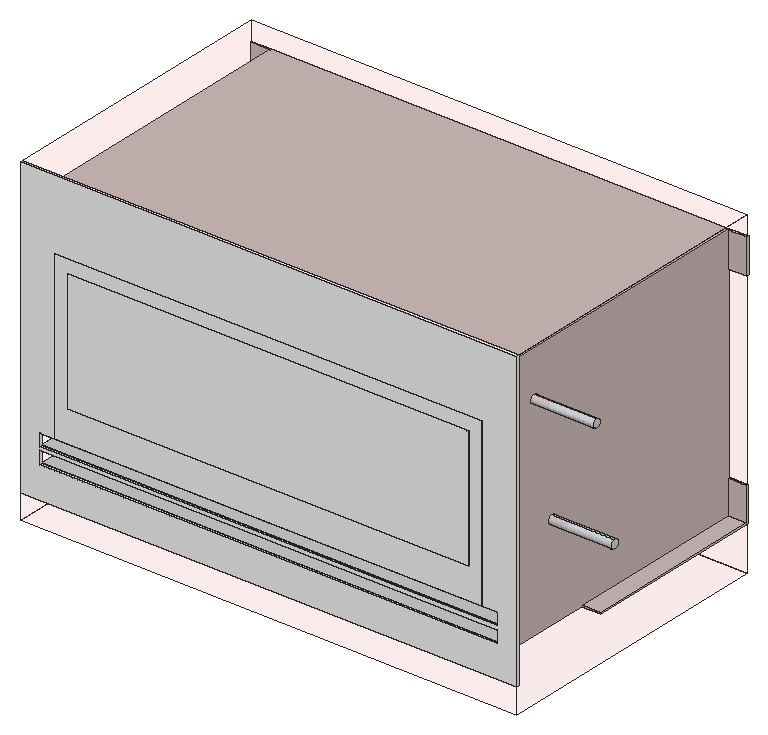
Revit family "Air-Curtain_Customer-Entry_PoweredAire_ECC-ST", category Mechanical Equipment, host Face, Revit 2025
Family settings
  Host = Face
  Round Connector Dimension = Use Diameter
  Part Type = Normal
  OmniClass Number = 23.75.35.17.21
  OmniClass Title = Air Curtains
  Cut with Voids When Loaded = No
  Maintain Annotation Orientation = No
  Shared = No
  Room Calculation Point = No
Parameters
  upperpiperotation [instance] = if(Upper Pipe Connection Side A, 0.00°, 180.00°)  # 0.00°
  lowerpiperotation [instance] = if(Lower Pipe Connection Side A, 0.00°, 180.00°)  # 0.00°
  locateupperpipe [instance] = if(Upper Pipe Connection Side A, 0' 0", Nozzle Width)  # 0' - 0"
  locatelowerpipe [instance] = if(Lower Pipe Connection Side A, 0' 0", Nozzle Width)  # 0' - 0"
  Warranty Duration (Years) = 0
  Upper Pipe Connection Side A [instance] = yes
  Unit Width Notes = "Other Widths available."  # constant formula
  Unit Width = 3' - 3"
  Unit Weight = 0
  Unit Height = 1' - 10 3/4"
  Unit Depth = 1' - 11 1/4"
  URL = "http://www.poweredaire.com/"
  Test Data = ""
  Standards Conformance = "as Specified"
  Specification = "http://www.arcat.com/sdspecs/htm04/23_34_33pai.htm"
  SpecWizard = ""
  Sound Pressure = "as Specified"
  Sales Information = "http://www.poweredaire.com/contact_us"
  Revision = "R1_2016-08"
  Projection from Host [instance] = 0' - 2"
  Product Properties = ""
  Product Data = "http://www.arcat.com/arcatcos/cos47/arc47623.html"
  Power Rating = 0 W
  Piping_Water Flow [instance] = 0 GPM
  Piping_Operating Pressure [instance] = 0.00 psi
  Piping_Exit Temperature [instance] = 0 °F
  Piping_Entry Temperature [instance] = 0 °F
  Pipe OD [instance] = 5/8"
  Nozzle Width = if(1 = 1, Unit Width - 0' 3", 0' 0")  # 3' - 0"
  Mounting Width = if(1 = 1, Unit Width - 0' 1 1/2", 0' 0")  # 3' - 1 1/2"
  Mounting Height [instance] = 3' - 6"
  Motor RPM = 0
  Motor HP = 0
  Motor Count = 0
  Model = "As Specified"
  Max Height = 0' - 0"
  Manufacturer Website = "http://www.poweredaire.com/"
  Manufacturer Phone - Toll Free = "888-321-2473"
  Manufacturer Phone = "724-588-3305"
  Manufacturer Fax = "724-588-3371"
  Manufacturer Address = "109 Mortensen Rd.  Greenville, PA 16125"
  Manufacturer = "Powered Aire, Inc"
  Maintenance Schedule (Months) = 0
  Lower Pipe Connection Side A [instance] = yes
  Keynote = "23 34 33"
  Installation-Fabrication = ""
  Installation Phase = ""
  Include Clearance [instance] = yes
  Heating Element Load = 0 W
  HVAC_Temperature Rise = 0 °F
  HVAC_Outlet Volume = 0 CFM
  HVAC_Outlet Velocity Uniformity = 0
  HVAC_Outlet Velocity = 0 FPM
  HVAC_BTU Input = 0.0 Btu/h
  Green Building-LEED = "http://www.arcat.com/green/clients/leed_data_47623.html"
  Front Grating Material [instance] = Metal - Steel - PoweredAire - White Perforated
  Frame Finish [instance] = Metal - Steel - PoweredAire - Stainless 304
  Expected Lifespan (Years) = 0
  Electrical_Wattage [instance] = Power Rating + Heating Element Load  # 0 W
  Electrical_Voltage [instance] = 0 V
  Electrical_Phase [instance] = 1
  Electrical_Frequency [instance] = 0 Hz
  Electrical_Amperage [instance] = 0 A
  Drawn By = "Sumex Design, Inc. / Robert S. Weygant, CSI, CDT, SCIP"
  Description = "Powered Aire Air Curtain as Specified"
  Default Elevation = 0' - 0"  # constant formula
  Cover Finish [instance] = Metal - Steel - PoweredAire - White
  Copyright = "©Arcat Inc."
  Construction Details = "http://www.arcat.com/details/powair/prod3336.html"
  Clearance_Top [instance] = 0' - 0"
  Clearance_Side B [instance] = 0' - 0"
  Clearance_Side A [instance] = 0' - 0"
  Clearance_Intake [instance] = 0' - 0"
  Clearance_Front [instance] = 0' - 0"
  Clearance Material [instance] = ARCAT Clearance
  Building Codes = ""
  Available Options [instance] = "as Specified"
  Assembly Code = "D3090400"
Reference planes (in)
  plane 1 "Center (Elevation)": y = 11.51318
  plane 2: z = 0
  plane 3 "Center (Left/Right)": x = 0
  plane 4: y = 22.88818
  plane 5: y = 0.13818
  plane 6: x = -19.5
  plane 7: x = 19.5
  plane 8: z = 25.25
  plane 9 "FF": y = -41.86182
  plane 10: z = 2
  plane 11: x = 18
  plane 12: x = -18
  plane 13: y = 22.88818
  plane 14: y = 0.13818
  plane 15: x = -19.5
  plane 16: x = 19.5
  plane 17: z = 25.25
  plane 18: y = 0.38818
  plane 19: x = 18
  plane 20: x = 18
  plane 21: z = 20.25
  plane 22: z = 11
Forms (in)
  Extrusion 1, solid, material "ARCAT Clearance" <- "Clearance Material", visible <- "Include Clearance"
    sketch origin (0, 0, 0) x (0, 1, 0) y (0, 0, 1)
      loop
        line (0.13818, 25.25) -> (0.13818, 0) -> (22.88818, 0) -> (22.88818, 25.25) -> (0.13818, 25.25)
    from -19.5 to 19.5
  Extrusion 2, solid, material "Metal - Steel - PoweredAire - White" <- "Cover Finish"
    sketch origin (0, 11.51318, 0) x (1, 0, 0) y (0, 0, 1)
      loop
        line (-19.5, 25.25) -> (-19.5, 2) -> (19.5, 2) -> (19.5, 25.25) -> (-19.5, 25.25)
    from 11.125 to 11.375
  Extrusion 3, solid, material "Metal - Steel - PoweredAire - Stainless 304" <- "Frame Finish"
    sketch origin (0, 11.51318, 0) x (1, 0, 0) y (0, 0, 1)
      loop
        line (18, 23.75) -> (-18, 23.75) -> (-18, 3.5) -> (18, 3.5) -> (18, 23.75)
    from -11.375 to 11.125
  Extrusion 4, void
    sketch origin (0, 0, 0) x (0, 1, 0) y (0, 0, 1)
      loop
        line (0.13818, 5.5) -> (0.13818, 4.5) -> (1.88818, 4.5) -> (1.88818, 6.75) -> (0.13818, 6.75) -> (0.13818, 5.75) -> (1.63818, 5.75) -> (1.63818, 5.5) -> (0.13818, 5.5)
    from -18 to 18
  Extrusion 5, solid, material "Metal - Steel - PoweredAire - White" <- "Cover Finish"
    sketch origin (-11.83813, 0.13818, 48) x (-1, 0, 0) y (0, 0, 1)
      loop
        line (4.91187, -41.25) -> (4.91187, -28.25) -> (-28.58813, -28.25) -> (-28.58813, -41.25) -> (4.91187, -41.25)
    from 0 to -0.03125
  Extrusion 6, solid, material "Metal - Steel - PoweredAire - White Perforated" <- "Front Grating Material"
    sketch origin (-11.83813, 0.10693, 48) x (1, 0, 0) y (0, 0, 1)
      loop
        line (-3.91187, -29.25) -> (-3.91187, -38.75) -> (27.58813, -38.75) -> (27.58813, -29.25) -> (-3.91187, -29.25)
    from 0 to 0.03125
  Extrusion 7, solid, material "Metal - Steel - PoweredAire - Stainless 304" <- "Frame Finish"
    sketch origin (-15.17702, -180, 2) x (-1, 0, 0) y (0, -1, 0)
      loop
        line (-33.17702, -202.88818) -> (-33.17702, -188.38818) -> (-34.67702, -188.38818) -> (-34.67702, -202.88818) -> (-33.17702, -202.88818)
      loop
        line (2.82298, -202.88818) -> (4.32298, -202.88818) -> (4.32298, -188.38818) -> (2.82298, -188.38818) -> (2.82298, -202.88818)
    from 1.5 to 1.625
  Extrusion 8, solid, material "Metal - Steel - PoweredAire - Stainless 304" <- "Frame Finish"
    sketch origin (-11.83813, 22.88818, 48) x (-1, 0, 0) y (0, 0, 1)
      loop
        line (7.66187, -44.5) -> (7.66187, -41.75) -> (6.16187, -41.75) -> (6.16187, -44.5) -> (7.66187, -44.5)
      loop
        line (-31.33813, -44.5) -> (-29.83813, -44.5) -> (-29.83813, -41.75) -> (-31.33813, -41.75) -> (-31.33813, -44.5)
      loop
        line (7.66187, -27) -> (7.66187, -24.25) -> (6.16187, -24.25) -> (6.16187, -27) -> (7.66187, -27)
      loop
        line (-31.33813, -27) -> (-29.83813, -27) -> (-29.83813, -24.25) -> (-31.33813, -24.25) -> (-31.33813, -27)
    from 0 to -0.125
  Sweep 9, solid
    path origin (18, 11.51318, 20.25) x (1, 0, 0) y (0, 0, 1)
      loop
        line (0, 0) -> (5, 0)
    profile origin (20.5, 11.51318, 20.25) x (0, 0, 1) y (0, -1, 0)
      loop
        circle (0, 7.875) r 0.3125
  Sweep 10, solid
    path origin (18, 11.51318, 11) x (1, 0, 0) y (0, 0, 1)
      loop
        line (0, 0) -> (5, 0)
    profile origin (20.5, 11.51318, 11) x (0, 0, 1) y (0, -1, 0)
      loop
        circle (0, 6.125) r 0.3125
Cuts and joins
  Extrusion 4 cuts Extrusion 1
  Extrusion 4 cuts Extrusion 2
  Extrusion 4 cuts Extrusion 3
Lines and regions (in)
  reference lines
    curve 1: line (18, 11.51318, 20.25) -> (25.75, 11.51318, 20.25)
    curve 2: line (18, 11.51318, 11) -> (26.25, 11.51318, 11)
Dimensions and locks (in)
  equal spacing: plane 4, plane 1 "Center (Elevation)", plane 5
  "Unit Height": plane 4 to plane 5
  equal spacing: plane 6, plane 3 "Center (Left/Right)", plane 7
  "Unit Width": plane 6 to plane 7
  "Mounting Height": plane 5 to plane 9 "FF"
  "Projection from Host": plane 10 to level
  "Unit Depth": plane 8 to plane 10
  locked: plane 6 to plane 12 at 1.5
  locked: plane 11 to plane 7 at 1.5
  "Clearance_Side A": plane 7 to plane 16
  "Clearance_Side B": plane 15 to plane 6
  "Clearance_Top": plane 13 to plane 4
  "Clearance_Intake": plane 5 to plane 14
  "Clearance_Front": plane 17 to plane 8
  locked: plane 8 to Extrusion 3 sketch curve at 1.5
  locked: Extrusion 3 sketch curve to plane 10 at 1.5
  locked: plane 7 to Extrusion 3 sketch curve at 1.5
  locked: Extrusion 3 sketch curve to plane 6 at 1.5
  locked: plane 18 to plane 5 at 0.25
  Extrusion 4 sketch curve to Extrusion 4 sketch curve to Extrusion 4 sketch curve to Extrusion 4 sketch curve to plane 10 = 0' - 1" locked, 0' - 0 1/4" locked, 0' - 1" locked, 0' - 2 1/2" locked
  Extrusion 5 sketch curve to Extrusion 5 sketch curve to plane 10 = 1' - 1" locked, 0' - 4 3/4" locked
  locked: plane 11 to Extrusion 5 sketch curve at 1.25
  locked: Extrusion 5 sketch curve to plane 12 at 1.25
  Extrusion 6 sketch curve to Extrusion 6 sketch curve to plane 10 = 0' - 9 1/2" locked, 0' - 7 1/4" locked
  locked: Extrusion 6 sketch curve to plane 12 at 2.25
  locked: plane 11 to Extrusion 6 sketch curve at 2.25
  locked: plane 4 to Extrusion 7 sketch curve at 14.5  (x2)
  Extrusion 8 sketch curve to Extrusion 8 sketch curve to Extrusion 8 sketch curve to Extrusion 8 sketch curve to plane 10 = 0' - 2 3/4" locked, 1' - 2 3/4" locked, 0' - 2 3/4" locked, 0' - 1 1/2" locked  (x2)
  "locatelowerpipe": plane 19 to plane 11
  "locateupperpipe": plane 20 to plane 11
  locked: plane 8 to plane 21 at 5
  locked: plane 22 to plane 10 at 9
  locked: curve 1 to Sweep 9 sketch curve at 5
  locked: curve 1 to Sweep 9 sketch curve
  locked: curve 2 to Sweep 10 sketch curve at 5
  locked: curve 2 to Sweep 10 sketch curve
  locked: plane 5 to Sweep 9 sketch curve at 3.5
  locked: plane 5 to Sweep 10 sketch curve at 5.25
  "lowerpiperotation": angle plane 21 to curve 1
  "upperpiperotation": angle plane 22 to curve 2
  aligned and locked: plane 2 to host face
  aligned and locked: level to host face
  aligned and locked: Extrusion 1 sketch curve to plane 17
  aligned and locked: plane 14 to Extrusion 1 sketch curve
  aligned and locked: level to Extrusion 1 sketch curve
  aligned and locked: Extrusion 1 sketch curve to plane 13
  aligned and locked: plane 16 to Extrusion 1
  aligned and locked: Extrusion 1 to plane 15
  aligned and locked: Extrusion 2 sketch curve to plane 8
  aligned and locked: plane 6 to Extrusion 2 sketch curve
  aligned and locked: Extrusion 2 sketch curve to plane 10
  aligned and locked: Extrusion 2 sketch curve to plane 7
  aligned and locked: Extrusion 3 to plane 4
  aligned and locked: Extrusion 3 to plane 18
  aligned and locked: Extrusion 2 to plane 18
  aligned and locked: Extrusion 2 to plane 5
  aligned and locked: plane 11 to Extrusion 4
  aligned and locked: Extrusion 4 to plane 12
  aligned and locked: Extrusion 7 sketch curve to plane 4  (x2)
  aligned and locked: plane 20 to curve 2
  aligned and locked: plane 22 to curve 2
  aligned and locked: plane 19 to curve 1
  aligned and locked: plane 21 to curve 1
Automatic sketch dimensions
  host sketch curve to host sketch curve = 8' - 0"  (x2)
  Extrusion 4 sketch curve to plane 5 = 0' - 0"  (x2)
  plane 18 to Extrusion 4 sketch curve = 0' - 1 1/4"
  Extrusion 4 sketch curve to Extrusion 4 sketch curve = 0' - 0 1/4"
  Extrusion 7 sketch curve to plane 7 = 0' - 0"
  Extrusion 7 sketch curve to plane 11 = 0' - 0"
  Extrusion 7 sketch curve to plane 12 = 0' - 0"
  Extrusion 7 sketch curve to plane 6 = 0' - 0"
  Extrusion 8 sketch curve to plane 7 = 0' - 0"  (x2)
  Extrusion 8 sketch curve to plane 11 = 0' - 0"  (x2)
  Extrusion 8 sketch curve to plane 12 = 0' - 0"  (x2)
  Extrusion 8 sketch curve to plane 6 = 0' - 0"  (x2)
  profile plane to Sweep 9 sketch curve = 0' - 0"
  profile plane to Sweep 10 sketch curve = 0' - 0"
  radius of Sweep 9 sketch curve = 0' - 0 5/16"
  radius of Sweep 10 sketch curve = 0' - 0 5/16"
Connectors (in)
  electrical at (-18, 6.38818, 9.625), driven by "Electrical_Voltage", driven by "Electrical_Phase"
    settings: on cut or joined group of Extrusion 3, Extrusion 4, index 1, voltage 0 V, apparent load 0 VA, apparent load phase1 0 VA, apparent load phase2 0 VA, apparent load phase3 0 VA, power factor 1, load classification "Other", number of poles 1, system type 31, power factor state 1, is connector primary yes, connector utility no, sub classification motor no, connector description ""
  piping at (23, 3.63818, 20.25), diameter 0.625, driven by "Pipe OD"
    settings: on Sweep 9, index 2, connector inside diameter 24", connector length 0' - 0", flow factor 0, pipe flow 0 GPM, pressure drop 0.00 psi, fitting loss kfactor 0, connector angle 0.00°, fixture units 0, engagement length 0' - 0", angle of deflection 0.00°, flow configuration 0, flow direction 0, fitting loss method 0, system type 29, joint type 0, gender type 0, connector reference index -1, connector utility 0, adjustable connector no, is connector primary no, connector description "Define Supply or Return and Location"
  piping at (23, 5.38818, 11), diameter 0.625, driven by "Pipe OD"
    settings: on Sweep 10, index 3, connector inside diameter 24", connector length 0' - 0", flow factor 0, pipe flow 0 GPM, pressure drop 0.00 psi, fitting loss kfactor 0, connector angle 0.00°, fixture units 0, engagement length 0' - 0", angle of deflection 0.00°, flow configuration 0, flow direction 0, fitting loss method 0, system type 29, joint type 0, gender type 0, connector reference index -1, connector utility 0, adjustable connector no, is connector primary yes, connector description "Define Supply or Return and Location"
